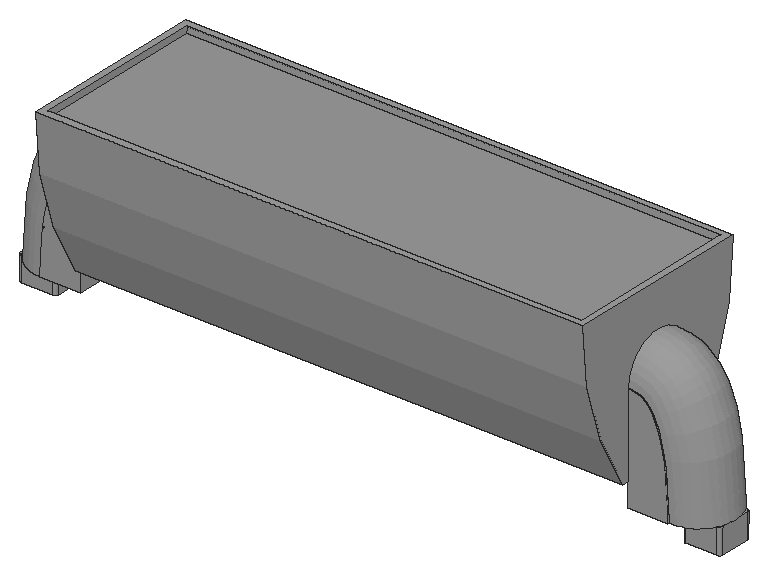
Revit family "Alcon-13128-15-Revit-Family", category Generic Models, host Face, Revit 2023
Family settings
  Host = Face
  Can host rebar = No
  Round Connector Dimension = Use Diameter
  Part Type = Normal
  Cut with Voids When Loaded = No
  Maintain Annotation Orientation = No
  Shared = No
  Room Calculation Point = No
Parameters (values of type "Without Louver")
  URL = "https://www.alconlighting.com/"
  Product Page = "https://www.alconlighting.com/13128-15.html"
  Model = "13128-15"
  Manufacturer = "Alcon Lighting"
  Louver = no
  Housing = Housing
  Fixture Rotation = 90.00°
  Default Elevation = 4' - 0"
Types (3): name | Louver
  (no name) | no
  With Louver | yes
  Without Louver | no
Reference planes (in)
  plane 1 "Center (Front/Back)": y = 0
  plane 2: z = 0
  plane 3 "Center (Left/Right)": x = 0
Forms (in)
  Extrusion 1, solid, material "Housing" <- "Housing"
    sketch origin (-1.12617, 0, 9.73209) x (1, 0, 0) y (0, 0, -1)
      loop
        line (-4.37383, 9.23209) -> (-5.98449, 9.23209) -> (-5.98449, 6.254) -> (-4.37383, 6.254) -> (-4.37383, 9.23209)
    from -0.75618 to 0.7574
  SweptBlend 2, void
    path in 3D
      loop
        spline (-5.44228, -0.74988, 3.39761) -> (-5.71156, -0.74988, 3.38589) -> (-5.95642, -0.74988, 3.32963) -> (-6.17687, -0.74988, 3.22884) -> (-6.3729, -0.74988, 3.08351) -> (-6.54451, -0.74988, 2.89365) -> (-6.69171, -0.74988, 2.65925) -> (-6.8145, -0.74988, 2.38032) -> (-6.91286, -0.74988, 2.05685) -> (-6.98682, -0.74988, 1.68885) -> (-7.03635, -0.74988, 1.27632) -> (-7.06147, -0.74988, 0.81925) -> (-7.06217, -0.74988, 0.31765)
    profile origin (-5.44228, -0.74988, 3.39761) x (-0.037427, 0, -0.999299) y (0, -1, 0)
      loop
        line (0.75, 0) -> (0.75, 0.04073) -> (-1.25, 0.04073) -> (-1.25, -1.54049) -> (0.75, -1.54049) -> (0.75, -1.5)
        arc (0.75, -1.5) -> (0, -0.75) -> (0.75, 0) r 0.75
    end profile origin (-7.06217, -0.74988, 0.31765) x (0.999759, 0, 0.021955) y (0, -1, 0)
      loop
        arc (0.75, -1.5) -> (0, -0.75) -> (0.75, 0) r 0.75
        line (0.75, 0) -> (0.75, 0.03628) -> (-1.25, 0.03628) -> (-1.25, -1.53604) -> (0.75, -1.53604) -> (0.75, -1.5)
  Extrusion 3, solid, material "Housing" <- "Housing"
    sketch origin (1.12617, 0, 9.73209) x (-1, 0, 0) y (0, 0, 1)
      loop
        line (-4.37383, -9.23209) -> (-4.37383, -6.254) -> (-5.98449, -6.254) -> (-5.98449, -9.23209) -> (-4.37383, -9.23209)
    from -0.75618 to 0.7574
  SweptBlend 4, void
    path in 3D
      loop
        spline (5.44228, -0.74988, 3.39761) -> (5.71156, -0.74988, 3.38589) -> (5.95642, -0.74988, 3.32963) -> (6.17687, -0.74988, 3.22884) -> (6.3729, -0.74988, 3.08351) -> (6.54451, -0.74988, 2.89365) -> (6.69171, -0.74988, 2.65925) -> (6.8145, -0.74988, 2.38032) -> (6.91286, -0.74988, 2.05685) -> (6.98682, -0.74988, 1.68885) -> (7.03635, -0.74988, 1.27632) -> (7.06147, -0.74988, 0.81925) -> (7.06217, -0.74988, 0.31765)
    profile origin (5.44228, -0.74988, 3.39761) x (-0.037427, 0, 0.999299) y (0, -1, 0)
      loop
        arc (-0.75, 0) -> (0, -0.75) -> (-0.75, -1.5) r 0.75
        line (-0.75, -1.5) -> (-0.75, -1.54049) -> (1.25, -1.54049) -> (1.25, 0.04073) -> (-0.75, 0.04073) -> (-0.75, 0)
    end profile origin (7.06217, -0.74988, 0.31765) x (0.999759, 0, -0.021955) y (0, -1, 0)
      loop
        line (-0.75, -1.5) -> (-0.75, -1.53604) -> (1.25, -1.53604) -> (1.25, 0.03628) -> (-0.75, 0.03628) -> (-0.75, 0)
        arc (-0.75, 0) -> (0, -0.75) -> (-0.75, -1.5) r 0.75
  Extrusion 5, solid, material "Housing" <- "Housing"
    sketch origin (-6.6783, 0, 0) x (1, 0, 0) y (0, 1, 0)
      loop
        line (-0.3125, -0.375) -> (0.3125, -0.375)
        arc (0.3125, -0.375) -> (0.35669, -0.35669) -> (0.375, -0.3125) r 0.0625
        line (0.375, -0.3125) -> (0.375, 0.3125)
        arc (0.375, 0.3125) -> (0.35669, 0.35669) -> (0.3125, 0.375) r 0.0625
        line (0.3125, 0.375) -> (-0.3125, 0.375)
        arc (-0.3125, 0.375) -> (-0.35669, 0.35669) -> (-0.375, 0.3125) r 0.0625
        line (-0.375, 0.3125) -> (-0.375, -0.3125)
        arc (-0.375, -0.3125) -> (-0.35669, -0.35669) -> (-0.3125, -0.375) r 0.0625
    from 0 to 0.5
  Extrusion 6, solid, material "Housing" <- "Housing"
    sketch origin (6.6783, 0, 0) x (-1, 0, 0) y (0, -1, 0)
      loop
        arc (-0.3125, 0.375) -> (-0.35669, 0.35669) -> (-0.375, 0.3125) r 0.0625
        line (-0.375, 0.3125) -> (-0.375, -0.3125)
        arc (-0.375, -0.3125) -> (-0.35669, -0.35669) -> (-0.3125, -0.375) r 0.0625
        line (-0.3125, -0.375) -> (0.3125, -0.375)
        arc (0.3125, -0.375) -> (0.35669, -0.35669) -> (0.375, -0.3125) r 0.0625
        line (0.375, -0.3125) -> (0.375, 0.3125)
        arc (0.375, 0.3125) -> (0.35669, 0.35669) -> (0.3125, 0.375) r 0.0625
        line (0.3125, 0.375) -> (-0.3125, 0.375)
    from 0 to 0.5
Cuts and joins
  SweptBlend 2, SweptBlend 4 cuts Extrusion 1
  SweptBlend 4 cuts Extrusion 3
Lines and regions (in)
  sketch lines
    curve 1: spline (-5.44228, -0.74988, 3.39761) -> (-5.71156, -0.74988, 3.38589) -> (-5.95642, -0.74988, 3.32963) -> (-6.17687, -0.74988, 3.22884) -> (-6.3729, -0.74988, 3.08351) -> (-6.54451, -0.74988, 2.89365) -> (-6.69171, -0.74988, 2.65925) -> (-6.8145, -0.74988, 2.38032) -> (-6.91286, -0.74988, 2.05685) -> (-6.98682, -0.74988, 1.68885) -> (-7.03635, -0.74988, 1.27632) -> (-7.06147, -0.74988, 0.81925) -> (-7.06217, -0.74988, 0.31765)
    curve 2: spline (5.44228, -0.74988, 3.39761) -> (5.71156, -0.74988, 3.38589) -> (5.95642, -0.74988, 3.32963) -> (6.17687, -0.74988, 3.22884) -> (6.3729, -0.74988, 3.08351) -> (6.54451, -0.74988, 2.89365) -> (6.69171, -0.74988, 2.65925) -> (6.8145, -0.74988, 2.38032) -> (6.91286, -0.74988, 2.05685) -> (6.98682, -0.74988, 1.68885) -> (7.03635, -0.74988, 1.27632) -> (7.06147, -0.74988, 0.81925) -> (7.06217, -0.74988, 0.31765)
  reference lines
    curve 3: line (0, 6.2574, 2.64882) -> (0, -5.9926, 2.64882)
Dimensions and locks (in)
  "Fixture Rotation": angle nested 1 to curve 3
  aligned and locked: plane 2 to host face
  aligned and locked: level to host face
Automatic sketch dimensions
  host sketch curve to host sketch curve = 8' - 0"  (x2)
  level to Extrusion 1 sketch curve = 0' - 0 1/2"
  Extrusion 1 sketch curve to plane 3 "Center (Left/Right)" = 0' - 7.11067"
  Extrusion 1 sketch curve to Extrusion 1 sketch curve = 0' - 1.61067"
  Extrusion 1 sketch curve to Extrusion 1 sketch curve = 0' - 2.97809"
  profile plane to SweptBlend 2 sketch curve = 0' - 0"
  profile plane to SweptBlend 2 sketch curve = 0' - 1 1/4"  (x2)
  SweptBlend 2 sketch curve to profile plane = 0' - 0 3/4"  (x2)
  SweptBlend 2 sketch curve to SweptBlend 2 sketch curve = 0' - 0 3/4"  (x2)
  SweptBlend 2 sketch curve to profile plane = 0' - 1.54049"
  profile plane to SweptBlend 2 sketch curve = 0' - 0.04073"
  SweptBlend 2 sketch curve to profile plane = 0' - 0"
  profile plane to SweptBlend 2 sketch curve = 0' - 0.03628"
  SweptBlend 2 sketch curve to profile plane = 0' - 1.53604"
  level to curve 3 = 0' - 2.64882"
  plane 1 "Center (Front/Back)" to curve 3 = 0' - 5.9926"
  curve 3 to plane 1 "Center (Front/Back)" = 0' - 6.2574"
  level to Extrusion 3 sketch curve = 0' - 0 1/2"
  plane 3 "Center (Left/Right)" to Extrusion 3 sketch curve = 0' - 7.11067"
  Extrusion 3 sketch curve to Extrusion 3 sketch curve = 0' - 1.61067"
  Extrusion 3 sketch curve to Extrusion 3 sketch curve = 0' - 2.97809"
  profile plane to SweptBlend 4 sketch curve = 0' - 0"
  profile plane to SweptBlend 4 sketch curve = 0' - 0 3/4"  (x2)
  SweptBlend 4 sketch curve to profile plane = 0' - 1 1/4"  (x2)
  SweptBlend 4 sketch curve to SweptBlend 4 sketch curve = 0' - 0 3/4"  (x2)
  SweptBlend 4 sketch curve to profile plane = 0' - 1.54049"
  profile plane to SweptBlend 4 sketch curve = 0' - 0.04073"
  SweptBlend 4 sketch curve to profile plane = 0' - 0"
  profile plane to SweptBlend 4 sketch curve = 0' - 0.03628"
  SweptBlend 4 sketch curve to profile plane = 0' - 1.53604"
  Extrusion 5 sketch curve to plane 1 "Center (Front/Back)" = 0' - 0 5/16"  (x2)
  Extrusion 5 sketch curve to plane 3 "Center (Left/Right)" = 0' - 7.0533"
  Extrusion 5 sketch curve to Extrusion 5 sketch curve = 0' - 0 1/16"  (x2)
  Extrusion 5 sketch curve to Extrusion 5 sketch curve = 0' - 0 5/8"
  Extrusion 5 sketch curve to Extrusion 5 sketch curve = 0' - 0"
  plane 1 "Center (Front/Back)" to Extrusion 5 sketch curve = 0' - 0 5/16"
  Extrusion 6 sketch curve to plane 1 "Center (Front/Back)" = 0' - 0 5/16"  (x2)
  plane 3 "Center (Left/Right)" to Extrusion 6 sketch curve = 0' - 7.0533"
  Extrusion 6 sketch curve to Extrusion 6 sketch curve = 0' - 0 1/16"  (x2)
  Extrusion 6 sketch curve to Extrusion 6 sketch curve = 0' - 0 5/8"
  Extrusion 6 sketch curve to Extrusion 6 sketch curve = 0' - 0"
  plane 1 "Center (Front/Back)" to Extrusion 6 sketch curve = 0' - 0 5/16"
Nested families (in)
  nested 1: "Alcon-13128-15-Housing-Revit-Family" at (0, 0, 2.64882) x (0, 0, -1) z (-1, 0, 0), type "Alcon-13128-15-Housing-Revit-Family"
    with built-in parameter 1001306 0.47917 (stored number, unit not read)
  nested 2: "Alcon-13128-15-Louver-Revit-Family" at (0, 0, 4.13875), visible <- "Louver", type "Alcon-13128-15-Louver-Revit-Family"
Definition of nested family "Alcon-13128-15-Housing-Revit-Family"
  Parameters (values of type "Alcon-13128-15-Housing-Revit-Family")
    Wattage = 9.2903 W
    built-in parameter 1150110 = 1 (stored number, unit not read)
    Translucent Lens = none
    built-in parameter 1114217 = 1 (stored number, unit not read)
    Tilt Angle = 90.00°
    built-in parameter 1150109 = 1 (stored number, unit not read)
    built-in parameter 1150134 = 3
    built-in parameter 1150113 = 1 (stored number, unit not read)
    Photometric Web File = "Alcon-13128-15-IES.ies"
    built-in parameter 1150105 = 109.82 (stored number, unit not read)
    Lumens = 1380 lm
    built-in parameter 1150115 = 1 (stored number, unit not read)
    built-in parameter 1150137 = (empty or 0)
    built-in parameter 1150139 = (empty or 0)
    built-in parameter 1001306 [instance] = 4' - 0"
    built-in parameter 1150112 = 1 (stored number, unit not read)
    built-in parameter 1150114 = 1 (stored number, unit not read)
    built-in parameter 1150132 = 2
    built-in parameter 1150102 = (empty or 0)
    built-in parameter 1150107 = 3200 (stored number, unit not read)
    built-in parameter 1150138 = (empty or 0)
    built-in parameter 1150106 = 1.0982 (stored number, unit not read)
    Housing = none
    Emit from Rectangle Width = 0' - 3 1/2"
    Emit from Rectangle Length = 0' - 10 3/4"
    Emit Shape Visible in Rendering = yes
    built-in parameter 1150104 = 13.8 (stored number, unit not read)
    Dimming Lamp Color Temperature Shift = (empty or 0)
    Default Elevation = 0' - 0"
    Color Filter = 16777215
    built-in parameter 1114218 = 1 (stored number, unit not read)
    built-in parameter 1150133 = 10 (stored number, unit not read)
  Reference planes (in)
    plane 1 "Center (Front/Back)": y = 0
    plane 2: z = 0
    plane 3 "Left": x = 0
    plane 4 "Right": x = 48
  Forms (in)
    Extrusion 1, solid, material <- "Housing"
      sketch origin (0, 0, 0) x (1, 0, 0) y (0, 1, 0)
        loop
          arc (-1.61452, -1.875) -> (0.11824, -1.63416) -> (1.69436, -0.875) r 5.65201
          line (1.69436, -0.875) -> (1.69436, 0.875)
          arc (1.69436, 0.875) -> (0.11824, 1.63416) -> (-1.61452, 1.875) r 5.65201
          line (-1.61452, 1.875) -> (-1.61452, -1.875)
      from -5.5 to 5.5
    Extrusion 2, void
      sketch origin (0, 0, 0) x (1, 0, 0) y (0, 1, 0)
        loop
          arc (1.5293, 0.80076) -> (0.02946, 1.51406) -> (-1.61452, 1.74998) r 5.53139
          line (-1.61452, 1.74998) -> (-1.61452, -1.74998)
          arc (-1.61452, -1.74998) -> (0.02946, -1.51406) -> (1.5293, -0.80076) r 5.53139
          line (1.5293, -0.80076) -> (1.5293, 0.80076)
      from -5.375 to 5.375
    Extrusion 3, solid, material <- "Translucent Lens"
      sketch origin (0, 0, 0) x (0, 1, 0) y (0, 0, 1)
        loop
          line (1.74998, 5.375) -> (-1.74998, 5.375) -> (-1.74998, -5.375) -> (1.74998, -5.375) -> (1.74998, 5.375)
      from -1.48993 to -1.4223
    Extrusion 4, solid
      sketch origin (0, 0, 5.5) x (1, 0, 0) y (0, 1, 0)
        loop
          circle (0, 0) r 0.25
      from 0 to 0.05909
    Extrusion 5, solid
      sketch origin (0, 0, -5.5) x (0, -1, 0) y (-1, 0, 0)
        loop
          circle (0, 0) r 0.25
      from 0 to 0.05909
  Cuts and joins
    Extrusion 2 cuts Extrusion 1
  Lines and regions (in)
    reference lines
      curve 1: line (0, 0, 0) -> (48, 0, 0)
    model lines
      curve 2: line (0, 0, 0) -> (-15.75, 0, 0)
  Dimensions and locks (in)
    "built-in parameter 1001306": plane 3 "Left" to plane 4 "Right"
    aligned and locked: plane 4 "Right" to curve 1
    aligned and locked: plane 1 "Center (Front/Back)" to curve 1
    aligned and locked: plane 3 "Left" to curve 1
    aligned and locked: level to plane 2
    aligned and locked: cut or joined group of Extrusion 1, Extrusion 2 to Extrusion 3 sketch curve  (x2)
    aligned and locked: Extrusion 3 sketch curve to cut or joined group of Extrusion 1, Extrusion 2  (x2)
    aligned and locked: Extrusion 4 to cut or joined group of Extrusion 1, Extrusion 2
    aligned and locked: Extrusion 5 to cut or joined group of Extrusion 1, Extrusion 2
  Automatic sketch dimensions
    Extrusion 1 sketch curve to plane 3 "Left" = 0' - 1.61452"
    Extrusion 1 sketch curve to plane 3 "Left" = 0' - 1.51685"  (x2)
    Extrusion 1 sketch curve to plane 1 "Center (Front/Back)" = 0' - 0 7/8"
    plane 3 "Left" to Extrusion 1 sketch curve = 0' - 1.69436"
    plane 1 "Center (Front/Back)" to Extrusion 1 sketch curve = 0' - 0 7/8"
    plane 1 "Center (Front/Back)" to Extrusion 1 sketch curve = 0' - 1 7/8"
    Extrusion 1 sketch curve to Extrusion 1 sketch curve = 0' - 1.90117"
    Extrusion 2 sketch curve to plane 3 "Left" = 0' - 1.61452"
    Extrusion 2 sketch curve to plane 3 "Left" = 0' - 1.56936"  (x2)
    plane 3 "Left" to Extrusion 2 sketch curve = 0' - 1.5293"
    plane 1 "Center (Front/Back)" to Extrusion 2 sketch curve = 0' - 3.78123"
    plane 1 "Center (Front/Back)" to Extrusion 2 sketch curve = 0' - 1 3/4"
    plane 1 "Center (Front/Back)" to Extrusion 2 sketch curve = 0' - 0 205/256"
    Extrusion 2 sketch curve to plane 1 "Center (Front/Back)" = 0' - 0 205/256"
    Extrusion 4 sketch curve to Extrusion 1 = 0' - 1.61452"
    plane 1 "Center (Front/Back)" to Extrusion 5 sketch curve = 0' - 0"
    Extrusion 5 sketch curve to plane 3 "Left" = 0' - 0"
    plane 1 "Center (Front/Back)" to curve 2 = 0' - 0"
    curve 2 to plane 3 "Left" = 0' - 0"
    curve 2 to curve 2 = 1' - 3 3/4"
    radius of Extrusion 4 sketch curve = 0' - 0 1/4"
    radius of Extrusion 5 sketch curve = 0' - 0 1/4"
Definition of nested family "Alcon-13128-15-Louver-Revit-Family"
  Parameters (values of type "Alcon-13128-15-Louver-Revit-Family")
    Housing = none
    Default Elevation = 4' - 0"
  Reference planes (in)
    plane 1 "Center (Front/Back)": y = 0
    plane 2: z = 0
    plane 3 "Center (Left/Right)": x = 0
  Forms (in)
    Extrusion 1, solid
      sketch origin (0, 0, 0) x (1, 0, 0) y (0, 1, 0)
        loop
          line (-48, 48) -> (-48, -48) -> (48, -48) -> (48, 48) -> (-48, 48)
      from 0 to -12
    Extrusion 2, solid, material <- "Housing"
      sketch origin (0, 0, 0) x (1, 0, 0) y (0, 1, 0)
        loop
          line (-5.375, -1.75) -> (5.375, -1.75) -> (5.375, 1.75) -> (-5.375, 1.75) -> (-5.375, -1.75)
      from 0 to 0.75
    Extrusion 3, void
      sketch origin (0, 0, 0) x (0, 1, 0) y (0, 0, 1)
        loop
          line (1.43175, 0.06708) -> (1.75, 0.06708) -> (1.75, 0.75) -> (1.11925, 0.75)
          arc (1.11925, 0.75) -> (1.34022, 0.65847) -> (1.43175, 0.4375) r 0.3125
          line (1.43175, 0.4375) -> (1.43175, 0.06708)
        loop
          line (-1.75, 0.06708) -> (-1.43175, 0.06708) -> (-1.43175, 0.4375)
          arc (-1.43175, 0.4375) -> (-1.34022, 0.65847) -> (-1.11925, 0.75) r 0.3125
          line (-1.11925, 0.75) -> (-1.75, 0.75) -> (-1.75, 0.06708)
      from -5.375 to 5.375
    Extrusion 4, void
      sketch origin (0, 0, 0) x (1, 0, 0) y (0, 1, 0)
        loop
          line (0.54366, -1.50951) -> (0.54366, 1.50951) -> (-0.54366, 1.50951) -> (-0.54366, -1.50951) -> (0.54366, -1.50951)
        loop
          line (5.12077, -1.50951) -> (5.12077, 1.50951) -> (4.03345, 1.50951) -> (4.03345, -1.50951) -> (5.12077, -1.50951)
        loop
          line (-4.03345, -1.50951) -> (-4.03345, 1.50951) -> (-5.12077, 1.50951) -> (-5.12077, -1.50951) -> (-4.03345, -1.50951)
        loop
          line (-1.74489, -1.50951) -> (-1.74489, 1.50951) -> (-2.83222, 1.50951) -> (-2.83222, -1.50951) -> (-1.74489, -1.50951)
        loop
          line (-2.88917, -1.50951) -> (-2.88917, 1.50951) -> (-3.9765, 1.50951) -> (-3.9765, -1.50951) -> (-2.88917, -1.50951)
        loop
          line (-1.68794, -1.50951) -> (-0.60061, -1.50951) -> (-0.60061, 1.50951) -> (-1.68794, 1.50951) -> (-1.68794, -1.50951)
        loop
          line (1.74489, -1.50951) -> (2.83222, -1.50951) -> (2.83222, 1.50951) -> (1.74489, 1.50951) -> (1.74489, -1.50951)
        loop
          line (2.88917, -1.50951) -> (3.9765, -1.50951) -> (3.9765, 1.50951) -> (2.88917, 1.50951) -> (2.88917, -1.50951)
        loop
          line (1.68794, -1.50951) -> (1.68794, 1.50951) -> (0.60061, 1.50951) -> (0.60061, -1.50951) -> (1.68794, -1.50951)
        loop
          line (-5.375, -1.50951) -> (-5.17772, -1.50951) -> (-5.17772, 1.50951) -> (-5.375, 1.50951) -> (-5.375, -1.50951)
        loop
          line (5.375, -1.50951) -> (5.375, 1.50951) -> (5.17772, 1.50951) -> (5.17772, -1.50951) -> (5.375, -1.50951)
      from 0 to 0.75
  Cuts and joins
    Extrusion 3, Extrusion 4 cuts Extrusion 2
  Dimensions and locks (in)
    aligned and locked: plane 2 to Extrusion 1
    aligned and locked: level to Extrusion 1
